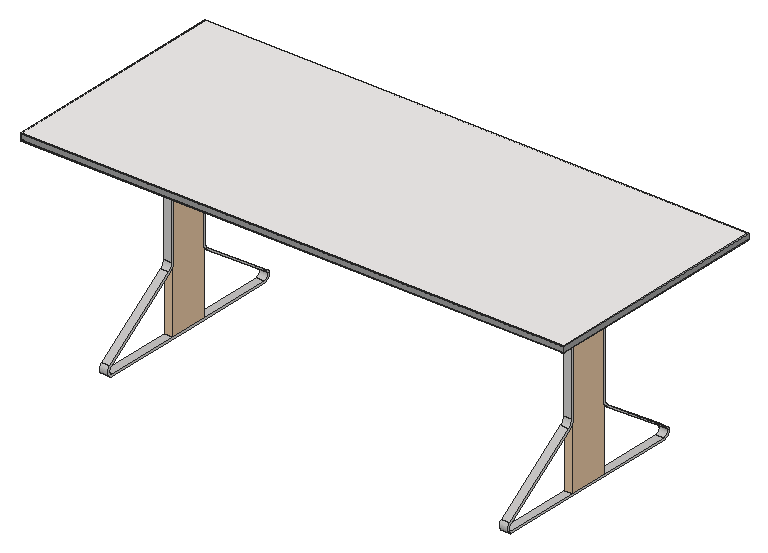
Revit family "Artek_Tables_Kaari Table rectangular_Kaari Table rectangular REB001", category Furniture, Revit 2017
Family settings
  OmniClass Number = 23.40.20.14.17.11
  OmniClass Title = Dining Room Tables
  Work Plane-Based = No
  Always vertical = Yes
  Cut with Voids When Loaded = No
  Shared = No
  Room Calculation Point = No
Parameters (values of type "Kaari Table rectangular REB001")
  WarrantyStartDate [instance] = "n/a"
  WarrantyGuarantorParts = "n/a"
  WarrantyGuarantorLabor = "n/a"
  WarrantyDurationUnit = "Years"
  WarrantyDurationParts = "n/a"
  WarrantyDurationLabor = "n/a"
  WarrantyDescription = "n/a"
  VersionDate = "11/3/2020"  # constant formula
  Version = "1"  # constant formula
  Uniclass2015Reference = "Pr_40_50_21_22"
  Uniclass2015Description = "Dining tables"
  Uniclass2 = "Pr_40_50_21_21"
  URL = "https://www.artek.fi/en/products/kaari-table-rectangular"
  Type Comments = ""
  TagNumber [instance] = "n/a"
  TableTopMaterial [instance] = HPL, high-gloss white
  SustainabilityPerformance = "n/a"
  Style = "n/a"
  Size = "2000x740x850 mm"
  Shape = "Sculptured"
  SerialNumber [instance] = "n/a"
  Revision = "n/a"
  ReplacementCost = "n/a"
  ProductInformation = "n/a"
  Product data url = ""
  NominalLength = 2000 mm
  NominalHeight = 740 mm
  NominalDepth = 850 mm
  Name = "Kaari Table rectangular REB001"
  NBSReference = "45-35-86/327"
  NBSDescription = "Tables"
  ModelReference = "n/a"
  ModelNumber = "28305102"
  Material = "Wood/Steel"
  ManufacturerURL = "https://www.artek.fi/"
  ManufacturerName = "Artek"
  Model = "Kaari Table rectangular REB001"
  Manufacturer = "Artek"
  MainColor = "Natural/black oak"
  LegsMaterial [instance] = Natural oak, with protective varnish
  InstallationDate [instance] = "n/a"
  IfcExportType = "TABLE"  # constant formula
  IfcExportAs = "IfcFurnishingElementType"  # constant formula
  Grade = "n/a"
  Finish = "n/a"
  Features = "n/a"
  ExpectedLife = "n/a"
  DurationUnit = "Years"
  Designer = "Ronan & Erwan Bouroullec"
  Description = ""
  Cost = 0
  ConvergoRefNr = "0190-2009-0029-FI"  # constant formula
  Constituents = "n/a"
  Color = "Natural/black oak"
  Collection = "Kaari Collection"
  CodePerformance = "n/a"
  Barcode [instance] = "n/a"
  AssetIdentifier [instance] = "n/a"
  Category = "Tables"
  Brand = "Artek"
  BIMObjectName = "Artek_Tables_Kaari Table rectangular_Kaari Table rectangular REB001"  # constant formula
  Author = "Convergo AB"  # constant formula
  AssetType = "Movable"
  AccessibilityPerformance = "n/a"
Reference planes
  plane 1 "Center (Front/Back)": y = 0
  plane 2: z = 0
  plane 3 "Center (Left/Right)": x = 0
  plane 4: x = -1000
  plane 5: x = 1000
  plane 6: y = 425
  plane 7: y = -425
  plane 8: z = 740
Dimensions and locks
  equal spacing: plane 4, plane 3 "Center (Left/Right)", plane 5
  "NominalLength": plane 4 to plane 5
  equal spacing: plane 7, plane 1 "Center (Front/Back)", plane 6
  "NominalDepth": plane 7 to plane 6
  "NominalHeight": plane 8 to plane 2
  aligned and locked: level to plane 2
Nested families
  nested 1: "kaari_table_200x85" at (0, 0, 0), Legs <- "LegsMaterial", Table <- "TableTopMaterial", type "kaari_table_200x85"
    with TableFrame ABS, Table HPL, high-gloss white, LegsFrame Flat rolled steel, Legs Natural oak, with protective varnish
Definition of nested family "kaari_table_200x85"
  Parameters (values of type "kaari_table_200x85")
    TableFrame [instance] = none
    Table [instance] = none
    LegsFrame [instance] = none
    Legs [instance] = none
  Reference planes
    plane 1 "Center (Front/Back)": y = 0
    plane 2: z = 0
    plane 3 "Center (Left/Right)": x = 0
  Forms (mm)
    Extrusion 1, solid, material <- "Legs", detail levels medium+fine
      sketch origin (0, 0, 0) x (0, 1, 0) y (0, 0, 1)
        loop
          line (70, 716) -> (-70, 716) -> (-70, 10.5) -> (70, 10.5) -> (70, 716)
      from -750.5 to -721.5
    Extrusion 2, solid, material <- "Legs", detail levels medium+fine
      sketch origin (0, 0, 0) x (0, 1, 0) y (0, 0, -1)
        loop
          line (70, -716) -> (70, -10.5) -> (-70, -10.5) -> (-70, -716) -> (70, -716)
      from -750.5 to -721.5
    Extrusion 3, solid, material <- "Legs", detail levels medium+fine
      sketch origin (0, 0, 0) x (1, 0, 0) y (0, 0, 1)
        loop
          line (438.933, 616) -> (443.024, 615.577) -> (721, 546) -> (721, 716) -> (-721, 716) -> (-721, 546) -> (-443.024, 615.577) -> (-438.933, 616) -> (438.933, 616)
      from -14 to 14
    Extrusion 4, solid, material <- "LegsFrame", detail levels medium+fine
      sketch origin (0, 0, 0) x (0, 1, 0) y (0, 0, 1)
        loop
          line (0.029, 4.5) -> (350.037, 4.5)
          arc (350.037, 4.5) -> (370.063, 19.183) -> (362.081, 42.697) r 20.997
          line (362.081, 42.697) -> (88.822, 234.036)
          arc (88.822, 234.036) -> (79.419, 244.758) -> (76.029, 258.611) r 30
          line (76.029, 258.611) -> (76.029, 716) -> (70, 716) -> (70, 258.69)
          arc (70, 258.69) -> (74.081, 242.014) -> (85.4, 229.107) r 36.115
          line (85.4, 229.107) -> (358.633, 37.787)
          arc (358.633, 37.787) -> (364.335, 20.989) -> (350.029, 10.5) r 15
          line (350.029, 10.5) -> (-350.029, 10.5)
          arc (-350.029, 10.5) -> (-364.335, 20.989) -> (-358.633, 37.787) r 15
          line (-358.633, 37.787) -> (-85.346, 229.145)
          arc (-85.346, 229.145) -> (-74.066, 242.007) -> (-70, 258.624) r 35.988
          line (-70, 258.624) -> (-70, 716) -> (-76.029, 716) -> (-76.029, 258.833)
          arc (-76.029, 258.833) -> (-79.467, 244.783) -> (-89.004, 233.908) r 30.428
          line (-89.004, 233.908) -> (-362.081, 42.697)
          arc (-362.081, 42.697) -> (-370.063, 19.183) -> (-350.037, 4.5) r 20.997
          line (-350.037, 4.5) -> (-0.029, 4.5)
      from -751 to -721
    Extrusion 5, solid, material <- "LegsFrame", detail levels medium+fine
      sketch origin (0, 0, 0) x (0, 1, 0) y (0, 0, -1)
        loop
          line (0.029, -4.5) -> (350.037, -4.5)
          arc (350.037, -4.5) -> (370.063, -19.183) -> (362.081, -42.697) r 20.997
          line (362.081, -42.697) -> (88.822, -234.036)
          arc (88.822, -234.036) -> (79.419, -244.758) -> (76.029, -258.611) r 30
          line (76.029, -258.611) -> (76.029, -716) -> (70, -716) -> (70, -258.69)
          arc (70, -258.69) -> (74.081, -242.014) -> (85.4, -229.107) r 36.115
          line (85.4, -229.107) -> (358.633, -37.787)
          arc (358.633, -37.787) -> (364.335, -20.989) -> (350.029, -10.5) r 15
          line (350.029, -10.5) -> (-350.029, -10.5)
          arc (-350.029, -10.5) -> (-364.335, -20.989) -> (-358.633, -37.787) r 15
          line (-358.633, -37.787) -> (-85.346, -229.145)
          arc (-85.346, -229.145) -> (-74.066, -242.007) -> (-70, -258.624) r 35.988
          line (-70, -258.624) -> (-70, -716) -> (-76.029, -716) -> (-76.029, -258.833)
          arc (-76.029, -258.833) -> (-79.467, -244.783) -> (-89.004, -233.908) r 30.428
          line (-89.004, -233.908) -> (-362.081, -42.697)
          arc (-362.081, -42.697) -> (-370.063, -19.183) -> (-350.037, -4.5) r 20.997
          line (-350.037, -4.5) -> (-0.029, -4.5)
      from -751 to -721
    Extrusion 6, solid, material <- "Table", detail levels medium+fine
      sketch origin (0, 0, 0) x (1, 0, 0) y (0, 1, 0)
        loop
          line (1000, 425) -> (-1000, 425) -> (-1000, -425) -> (1000, -425) -> (1000, 425)
      from 716 to 740
    Extrusion 7, solid, material <- "Table", detail levels coarse
      sketch origin (0, 0, 0) x (1, 0, 0) y (0, 1, 0)
        loop
          line (-1000, -425) -> (1000, -425) -> (1000, 425) -> (-1000, 425) -> (-1000, -425)
      from 0 to 740
    Extrusion 8, solid, material <- "TableFrame", detail levels medium+fine
      sketch origin (0, 0, 0) x (1, 0, 0) y (0, 1, 0)
        loop
          arc (-743, 286) -> (-741.536, 282.464) -> (-738, 281) r 5
          line (-738, 281) -> (-734, 281)
          arc (-734, 281) -> (-730.464, 282.464) -> (-729, 286) r 5
          line (-729, 286) -> (-729, 334)
          arc (-729, 334) -> (-730.464, 337.536) -> (-734, 339) r 5
          line (-734, 339) -> (-738, 339)
          arc (-738, 339) -> (-741.536, 337.536) -> (-743, 334) r 5
          line (-743, 334) -> (-743, 286)
        loop
          line (-743, -286) -> (-743, -334)
          arc (-743, -334) -> (-741.536, -337.536) -> (-738, -339) r 5
          line (-738, -339) -> (-734, -339)
          arc (-734, -339) -> (-730.464, -337.536) -> (-729, -334) r 5
          line (-729, -334) -> (-729, -286)
          arc (-729, -286) -> (-730.464, -282.464) -> (-734, -281) r 5
          line (-734, -281) -> (-738, -281)
          arc (-738, -281) -> (-741.536, -282.464) -> (-743, -286) r 5
        loop
          line (743, 286) -> (743, 334)
          arc (743, 334) -> (741.536, 337.536) -> (738, 339) r 5
          line (738, 339) -> (734, 339)
          arc (734, 339) -> (730.464, 337.536) -> (729, 334) r 5
          line (729, 334) -> (729, 286)
          arc (729, 286) -> (730.464, 282.464) -> (734, 281) r 5
          line (734, 281) -> (738, 281)
          arc (738, 281) -> (741.536, 282.464) -> (743, 286) r 5
        loop
          arc (743, -286) -> (741.536, -282.464) -> (738, -281) r 5
          line (738, -281) -> (734, -281)
          arc (734, -281) -> (730.464, -282.464) -> (729, -286) r 5
          line (729, -286) -> (729, -334)
          arc (729, -334) -> (730.464, -337.536) -> (734, -339) r 5
          line (734, -339) -> (738, -339)
          arc (738, -339) -> (741.536, -337.536) -> (743, -334) r 5
          line (743, -334) -> (743, -286)
      from 0 to 4.5
    Extrusion 9, solid, material <- "TableFrame", detail levels medium+fine
      sketch origin (0, 0, 0) x (1, 0, 0) y (0, 1, 0)
        loop
          line (-1000, 425) -> (-1000, -425) -> (1000, -425) -> (1000, 425) -> (-1000, 425)
        loop
          line (999.6, -424.6) -> (999.6, 424.6) -> (-999.6, 424.6) -> (-999.6, -424.6) -> (999.6, -424.6)
      from 716 to 740
    Sweep 10, void
      path in 3D
        loop
          line (-1000, -425, 740) -> (1000, -425, 740) -> (1000, 425, 740) -> (-1000, 425, 740) -> (-1000, -425, 740)
      profile origin (-1000, 0, 740) x (1, 0, 0) y (0, 0, 1)
        loop
          line (0, 0) -> (0, -1) -> (1, 0) -> (0, 0)
    Sweep 11, void
      path in 3D
        loop
          line (1000, 425, 716) -> (1000, -425, 716) -> (-1000, -425, 716) -> (-1000, 425, 716) -> (1000, 425, 716)
      profile origin (0, 425, 716) x (0, -1, 0) y (0, 0, -1)
        loop
          line (0, 0) -> (0, -1) -> (1, 0) -> (0, 0)
  Cuts and joins
    Sweep 10, Sweep 11 cuts Extrusion 6
    Sweep 10, Sweep 11 cuts Extrusion 9
  Lines and regions (mm)
    symbolic lines, detail levels medium+fine
      curve 1: line (0, 0, 740) -> (-999, 0, 740)
      curve 2: line (-999, 0, 740) -> (-1000, 0, 739)
      curve 3: line (-1000, 0, 739) -> (-1000, 0, 717)
      curve 4: line (-1000, 0, 717) -> (-999, 0, 716)
      curve 5: line (-999, 0, 716) -> (-751, 0, 716)
      curve 6: line (-751, 0, 716) -> (-751, 0, 4.5)
      curve 7: line (-751, 0, 4.5) -> (-743, 0, 4.5)
      curve 8: line (-721, 0, 4.5) -> (-721, 0, 546)
      curve 9: line (-721, 0, 546) -> (-443.024, 0, 615.577)
      curve 10: line (-443.024, 0, 615.577) -> (-438.933, 0, 616)
      curve 11: line (-438.933, 0, 616) -> (0, 0, 616)
      curve 14: line (0, 0, 740) -> (999, 0, 740)
      curve 15: line (999, 0, 740) -> (1000, 0, 739)
      curve 16: line (1000, 0, 739) -> (1000, 0, 717)
      curve 17: line (1000, 0, 717) -> (999, 0, 716)
      curve 18: line (999, 0, 716) -> (751, 0, 716)
      curve 19: line (751, 0, 716) -> (751, 0, 4.5)
      curve 20: line (751, 0, 4.5) -> (743, 0, 4.5)
      curve 21: line (721, 0, 4.5) -> (721, 0, 546)
      curve 22: line (721, 0, 546) -> (443.024, 0, 615.577)
      curve 23: line (443.024, 0, 615.577) -> (438.933, 0, 616)
      curve 24: line (438.933, 0, 616) -> (0, 0, 616)
      curve 27: line (0, 0, 740) -> (0, 424, 740)
      curve 28: line (0, 424, 740) -> (0, 425, 739)
      curve 29: line (0, 425, 739) -> (0, 425, 717)
      curve 30: line (0, 425, 717) -> (0, 424, 716)
      curve 31: line (0, 424, 716) -> (0, 76.029, 716)
      curve 32: line (0, 76.029, 716) -> (0, 76.029, 258.611)
      curve 33: arc (0, 88.822, 234.036) -> (0, 79.419, 244.758) -> (0, 76.029, 258.611) r 30
      curve 34: line (0, 362.081, 42.697) -> (0, 88.822, 234.036)
      curve 35: arc (0, 350.037, 4.5) -> (0, 370.063, 19.183) -> (0, 362.081, 42.697) r 20.997
      curve 36: line (0, -0.029, 4.5) -> (0, 281, 4.5)
      curve 43: line (0, 0, 740) -> (0, -424, 740)
      curve 44: line (0, -424, 740) -> (0, -425, 739)
      curve 45: line (0, -425, 739) -> (0, -425, 717)
      curve 46: line (0, -425, 717) -> (0, -424, 716)
      curve 47: line (0, -424, 716) -> (0, -76.029, 716)
      curve 48: line (0, -76.029, 716) -> (0, -76.029, 258.611)
      curve 49: arc (0, -88.822, 234.036) -> (0, -79.419, 244.758) -> (0, -76.029, 258.611) r 30
      curve 50: line (0, -362.081, 42.697) -> (0, -88.822, 234.036)
      curve 51: arc (0, -350.037, 4.5) -> (0, -370.063, 19.183) -> (0, -362.081, 42.697) r 20.997
      curve 52: line (0, -0.029, 4.5) -> (0, -281, 4.5)
      curve 59: line (1000, 425, 0) -> (-1000, 425, 0)
      curve 60: line (-1000, 425, 0) -> (-1000, -425, 0)
      curve 61: line (-1000, -425, 0) -> (1000, -425, 0)
      curve 62: line (1000, -425, 0) -> (1000, 425, 0)
      curve 71: line (-743, 0, 4.5) -> (-743, 0, 0)
      curve 72: line (-743, 0, 0) -> (-729, 0, 0)
      curve 73: line (-729, 0, 0) -> (-729, 0, 4.5)
      curve 75: line (-729, 0, 4.5) -> (-721, 0, 4.5)
      curve 76: line (729, 0, 4.5) -> (729, 0, 0)
      curve 77: line (729, 0, 0) -> (743, 0, 0)
      curve 78: line (743, 0, 0) -> (743, 0, 4.5)
      curve 79: line (729, 0, 4.5) -> (721, 0, 4.5)
      curve 81: line (0, 339, 4.5) -> (0, 339, 0)
      curve 82: line (0, 339, 0) -> (0, 281, 0)
      curve 83: line (0, 281, 0) -> (0, 281, 4.5)
      curve 85: line (0, 339, 4.5) -> (0, 350.037, 4.5)
      curve 86: line (0, -281, 4.5) -> (0, -281, 0)
      curve 87: line (0, -281, 0) -> (0, -339, 0)
      curve 88: line (0, -339, 0) -> (0, -339, 4.5)
      curve 90: line (0, -339, 4.5) -> (0, -350.037, 4.5)
    symbolic lines, detail levels fine
      curve 12: line (-751, 0, 716) -> (0, 0, 716)
      curve 13: line (-721, 0, 546) -> (-721, 0, 716)
      curve 25: line (751, 0, 716) -> (0, 0, 716)
      curve 26: line (721, 0, 546) -> (721, 0, 716)
      curve 37: line (0, 76.029, 716) -> (0, 0, 716)
      curve 38: line (0, 70, 10.5) -> (0, 70, 716)
      curve 39: line (0, 85.4, 229.107) -> (0, 358.633, 37.787)
      curve 40: arc (0, 70, 258.69) -> (0, 74.081, 242.014) -> (0, 85.4, 229.107) r 36.115
      curve 41: arc (0, 358.633, 37.787) -> (0, 364.335, 20.989) -> (0, 350.029, 10.5) r 15
      curve 42: line (0, 350.029, 10.5) -> (0, 0, 10.5)
      curve 53: line (0, -76.029, 716) -> (0, 0, 716)
      curve 54: line (0, -70, 10.5) -> (0, -70, 716)
      curve 55: line (0, -85.4, 229.107) -> (0, -358.633, 37.787)
      curve 56: arc (0, -70, 258.69) -> (0, -74.081, 242.014) -> (0, -85.4, 229.107) r 36.115
      curve 57: arc (0, -358.633, 37.787) -> (0, -364.335, 20.989) -> (0, -350.029, 10.5) r 15
      curve 58: line (0, -350.029, 10.5) -> (0, 0, 10.5)
      curve 63: line (-999, 424, 0) -> (-999, -424, 0)
      curve 64: line (999, 424, 0) -> (-999, 424, 0)
      curve 65: line (-1000, 425, 0) -> (-999, 424, 0)
      curve 66: line (-999, -424, 0) -> (-1000, -425, 0)
      curve 67: line (-999, -424, 0) -> (999, -424, 0)
      curve 68: line (999, -424, 0) -> (999, 424, 0)
      curve 69: line (1000, -425, 0) -> (999, -424, 0)
      curve 70: line (1000, 425, 0) -> (999, 424, 0)
      curve 74: line (-743, 0, 4.5) -> (-729, 0, 4.5)
      curve 80: line (743, 0, 4.5) -> (729, 0, 4.5)
      curve 84: line (0, 281, 4.5) -> (0, 339, 4.5)
      curve 89: line (0, -281, 4.5) -> (0, -339, 4.5)
    sketch lines
      curve 91: line (-1000, 425, 740) -> (-1000, -425, 740)
      curve 92: line (1000, 425, 740) -> (-1000, 425, 740)
      curve 93: line (1000, -425, 740) -> (1000, 425, 740)
      curve 94: line (-1000, -425, 740) -> (1000, -425, 740)
      curve 95: line (-1000, 425, 716) -> (1000, 425, 716)
      curve 96: line (1000, 425, 716) -> (1000, -425, 716)
      curve 97: line (1000, -425, 716) -> (-1000, -425, 716)
      curve 98: line (-1000, -425, 716) -> (-1000, 425, 716)
  Dimensions and locks
    aligned and locked: level to plane 2
